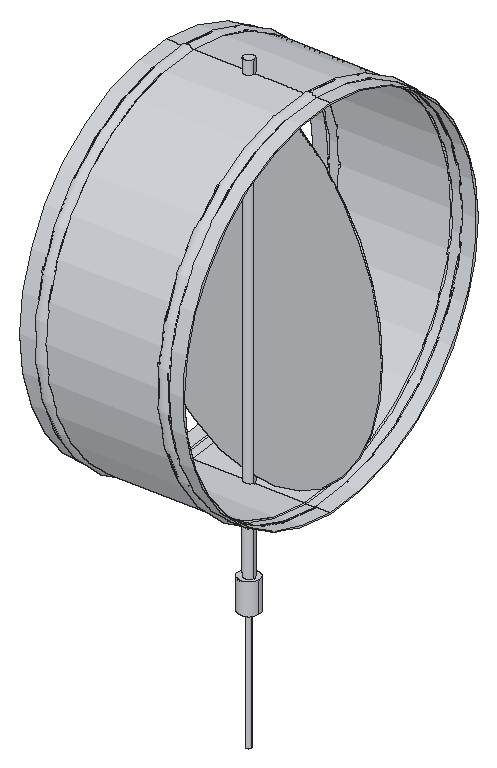
Revit family "RD-RR", category Mechanical Equipment, Revit 2015
Parameters
  URL = "https://unitedenertech.com/catalog/pdf/E_23%20Model%20CD-100,%20J-SR,%20RD-R.pdf"
  Type Comments = "Max. Size is 30\" Diameter"
  Model = "RD-RR"
  Manufacturer = "United Enertech Corporation"
  Diameter = 1' - 6"
  Description = "Steel Rod System Round Damper"
  Depth = 0' - 8"
Reference planes (in)
  plane 1 "Center (Front/Back)": y = 0
  plane 2: z = 0
  plane 3 "Center (Left/Right)": x = 0
  plane 4: x = -4
  plane 5: x = 4
  plane 6: z = 9
  plane 7: z = 18
  plane 8: z = -4.64655
  plane 9: z = -4.14655
  plane 10: z = -5.14655
  plane 11: z = -5.64655
  plane 12: z = -11.64655
Forms (in)
  Extrusion 1, solid
    sketch origin (0, 0, 0) x (1, 0, 0) y (0, 1, 0)
      loop
        circle (0, 0) r 0.5
    from -5.64655 to -4.14655
  Extrusion 2, solid
    sketch origin (0, 0, 0) x (1, 0, 0) y (0, 1, 0)
      loop
        circle (0, 0) r 0.125
    from -11.64655 to -5.14655
Dimensions and locks (in)
  equal spacing: plane 7, plane 6, level
  "Diameter": plane 7 to level
  equal spacing: plane 4, plane 3 "Center (Left/Right)", plane 5
  "Depth": plane 4 to plane 5
  locked: level to plane 9 at 4.14655
  locked: plane 9 to plane 8 at 0.5
  locked: plane 8 to plane 10 at 0.5
  locked: plane 10 to plane 11 at 0.5
  locked: plane 11 to plane 12 at 6
  aligned and locked: level to plane 2
  aligned and locked: nested 1 to plane 6
  aligned and locked: plane 4 to nested 1
  aligned and locked: Extrusion 1 to plane 11
  aligned and locked: plane 9 to Extrusion 1
  aligned and locked: Extrusion 2 to plane 12
  aligned and locked: plane 10 to Extrusion 2
Automatic sketch dimensions
  plane 1 "Center (Front/Back)" to Extrusion 1 sketch curve = 0' - 0"
  Extrusion 1 sketch curve to plane 3 "Center (Left/Right)" = 0' - 0"
  plane 1 "Center (Front/Back)" to Extrusion 2 sketch curve = 0' - 0"
  Extrusion 2 sketch curve to plane 3 "Center (Left/Right)" = 0' - 0"
  radius of Extrusion 1 sketch curve = 0' - 0 1/2"
  radius of Extrusion 2 sketch curve = 0' - 0 1/8"
Nested families (in)
  nested 1: "RD for RD-RR" at (-4, 0, 9) x (0, 0, -1) z (0, -1, 0), type "RD for RD-RR"
    with Void Radius 0' - 8 251/256", Radius 0' - 9", Inner Radius 0' - 8 247/256", Blade Radius 0' - 8 151/256", 3/8" Pin Visibility no, 3/4" Shaft Visibility no, 1/2" Shaft Visibility yes, Exact Diameter 1' - 6"
Definition of nested family "RD for RD-RR"
  Parameters (values of type "RD for RD-RR")
    Void Radius [instance] = Radius - 0' 0 5/256"  # 0' - 11 251/256"
    URL = "http://unitedenertech.com/catalog/pdf/B_3%20RD.pdf"
    Type Comments = "Max. Size is (40\" Diameter)"
    Radius [instance] = 0.5 * Exact Diameter  # 1' - 0"
    Model = "RD"
    Manufacturer = "United Enertech Corporation"
    Keynote = "Shaft options set to visibility parameters, correct shaft and size will appear when loaded into project."
    Inner Radius [instance] = Radius - 0' 0 9/256"  # 0' - 11 247/256"
    Exact Diameter = 2' - 0"
    Description = "Manual Round Damper"
    Depth = 0' - 8"
    Blade Radius [instance] = Inner Radius - 0' 0 3/8"  # 0' - 11 151/256"
    3/8" Pin Visibility [instance] = if(Exact Diameter < 1' 3 251/256", 2 > 1, 1 > 2)  # no
    3/4" Shaft Visibility [instance] = if(Exact Diameter > 2' 5 251/256", 2 > 1, 1 > 2)  # no
    1/2" Shaft Visibility [instance] = if(and(Exact Diameter > 1' 3 251/256", Exact Diameter < 2' 5 251/256"), 2 > 1, 1 > 2)  # yes
  Reference planes (in)
    plane 1 "Center (Front/Back)": y = 0
    plane 2: z = 0
    plane 3 "Center (Left/Right)": x = 0
    plane 4: x = -12
    plane 5: x = 12
    plane 6: y = 8
    plane 7: y = 7
    plane 8: y = 1
    plane 9: x = -12.6
    plane 10: x = -10.1
    plane 11: x = 10.1
    plane 12: x = 16.64655
    plane 13: x = 12.14655
    plane 14: x = 12.27155
  Forms (in)
    Extrusion 1, solid
      sketch origin (0, 0, 0) x (1, 0, 0) y (0, 0, 1)
        loop
          circle (0, 0) r 12
        loop
          circle (0, 0) r 11.96484
      from 0 to -8
    Sweep 2, solid
      path origin (0, 1, 0) x (1, 0, 0) y (0, 0, 1)
        loop
          circle (0, 0) r 12
      profile "Bead Sweep : Bead Sweep" origin (0, 1, 12) x (0, 0, -1) y (0, -1, 0)
        loop
          arc (0, 0.279) -> (-0.12, 0) -> (0, -0.279) r 0.38434
          line (0, -0.279) -> (0, 0.279)
    Sweep 3, solid
      path origin (0, 7, 0) x (1, 0, 0) y (0, 0, 1)
        loop
          circle (0, 0) r 12
      profile "Bead Sweep : Bead Sweep" origin (0, 7, 12) x (0, 0, -1) y (0, -1, 0)
        loop
          arc (0, 0.279) -> (-0.12, 0) -> (0, -0.279) r 0.38434
          line (0, -0.279) -> (0, 0.279)
    Sweep 4, void
      path origin (0, 1, 0) x (1, 0, 0) y (0, 0, 1)
        loop
          circle (0, 0) r 11.98047
      profile "Bead Void Sweep : Bead Void Sweep" origin (0, 1, 11.98047) x (0, 0, -1) y (0, -1, 0)
        loop
          arc (0.15416, 0.3555) -> (-0.0841, 0) -> (0.15416, -0.3555) r 0.38434
          line (0.15416, -0.3555) -> (0.15416, 0.3555)
    Sweep 5, void
      path origin (0, 7, 0) x (1, 0, 0) y (0, 0, 1)
        loop
          circle (0, 0) r 11.98047
      profile "Bead Void Sweep : Bead Void Sweep" origin (0, 7, 11.98047) x (0, 0, -1) y (0, -1, 0)
        loop
          arc (0.15416, 0.3555) -> (-0.0841, 0) -> (0.15416, -0.3555) r 0.38434
          line (0.15416, -0.3555) -> (0.15416, 0.3555)
    Extrusion 6, solid
      sketch origin (0, 2.96472, 3.8637) x (1, 0, 0) y (0, 0.965926, 0.258819)
        loop
          circle (0, 0) r 11.58984
      from -4.01795 to -3.98205
    Extrusion 7, solid, visible <- "3/8" Pin Visibility"
      sketch origin (-15.25, -6.71378, 12.44542) x (0, 0.906308, -0.422618) y (0, 0.422618, 0.906308)
        loop
          line (15.15714, -6.93904) -> (15.15714, -6.56404) -> (14.78214, -6.56404) -> (14.78214, -6.93904) -> (15.15714, -6.93904)
      from 2.65 to 5.15
    Extrusion 8, solid, visible <- "3/8" Pin Visibility"
      sketch origin (11.25, -6.71378, 12.44542) x (0, 0.906308, -0.422618) y (0, 0.422618, 0.906308)
        loop
          line (15.15714, -6.93904) -> (15.15714, -6.56404) -> (14.78214, -6.56404) -> (14.78214, -6.93904) -> (15.15714, -6.93904)
      from -1.15 to 5.39655
    Extrusion 9, solid, visible <- "1/2" Shaft Visibility"
      sketch origin (0, 0, 0) x (0, 1, 0) y (0, 0, 1)
        loop
          circle (4, 0) r 0.25
      from -12.6 to 16.64655
    Extrusion 10, solid, visible <- "3/4" Shaft Visibility"
      sketch origin (0, 0, 0) x (0, 1, 0) y (0, 0, 1)
        loop
          circle (4, 0) r 0.375
      from -12.6 to 16.64655
  Cuts and joins
    Sweep 4, Sweep 5 cuts Extrusion 1
    Sweep 5 cuts Sweep 2
  Dimensions and locks (in)
    equal spacing: plane 4, plane 3 "Center (Left/Right)", plane 5
    "Exact Diameter": plane 4 to plane 5
    "Depth": plane 6 to plane 1 "Center (Front/Back)"
    locked: plane 8 to plane 1 "Center (Front/Back)" at 1
    locked: plane 6 to plane 7 at 1
    locked: plane 9 to plane 4 at 0.6
    locked: plane 4 to plane 10 at 1.9
    locked: plane 11 to plane 5 at 1.9
    locked: plane 5 to plane 12 at 4.64655
    locked: plane 5 to plane 13 at 0.14655
    locked: plane 5 to plane 14 at 0.27155
    "Inner Radius": radius of Extrusion 1 sketch curve
    "Radius": radius of Extrusion 1 sketch curve
    "Radius": radius of Sweep 2 sketch curve
    "Radius": radius of Sweep 3 sketch curve
    "Void Radius": radius of Sweep 4 sketch curve
    "Void Radius": radius of Sweep 5 sketch curve
    "Blade Radius": radius of Extrusion 6 sketch curve
    aligned and locked: level to plane 2
    aligned and locked: plane 6 to Extrusion 1
    aligned and locked: plane 1 "Center (Front/Back)" to Extrusion 1
    aligned and locked: plane 10 to Extrusion 7
    aligned and locked: plane 9 to Extrusion 7
    aligned and locked: plane 11 to Extrusion 8
    aligned and locked: Extrusion 8 to plane 12
    aligned and locked: plane 9 to Extrusion 9
    aligned and locked: Extrusion 9 to plane 12
    aligned and locked: plane 9 to Extrusion 10
    aligned and locked: Extrusion 10 to plane 12
  Automatic sketch dimensions
    Extrusion 7 sketch curve to level = 0' - 0.09069"
    Extrusion 7 sketch curve to plane 8 = 0' - 2.75083"
    Extrusion 7 sketch curve to Extrusion 7 sketch curve = 0' - 0 3/8"  (x2)
    Extrusion 8 sketch curve to level = 0' - 0.09069"
    Extrusion 8 sketch curve to plane 8 = 0' - 2.75083"
    Extrusion 8 sketch curve to Extrusion 8 sketch curve = 0' - 0 3/8"  (x2)
    Extrusion 9 sketch curve to level = 0' - 0"
    plane 7 to Extrusion 9 sketch curve = 0' - 3"
    Extrusion 10 sketch curve to level = 0' - 0"
    plane 7 to Extrusion 10 sketch curve = 0' - 3"
    Extrusion 1 sketch curve to Extrusion 1 sketch curve = 0' - 0"  (x2)
    Extrusion 1 sketch curve to level = 0' - 0"
    Extrusion 1 sketch curve to plane 3 "Center (Left/Right)" = 0' - 0"
    Sweep 2 sketch curve to level = 0' - 0"
    Sweep 2 sketch curve to plane 3 "Center (Left/Right)" = 0' - 0"
    Sweep 3 sketch curve to level = 0' - 0"
    Sweep 3 sketch curve to plane 3 "Center (Left/Right)" = 0' - 0"
    Sweep 4 sketch curve to level = 0' - 0"
    Sweep 4 sketch curve to plane 3 "Center (Left/Right)" = 0' - 0"
    Sweep 5 sketch curve to level = 0' - 0"
    Sweep 5 sketch curve to plane 3 "Center (Left/Right)" = 0' - 0"
    Extrusion 6 sketch curve to plane 3 "Center (Left/Right)" = 0' - 0"
    radius of Extrusion 9 sketch curve = 0' - 0 1/4"
    radius of Extrusion 10 sketch curve = 0' - 0 3/8"
